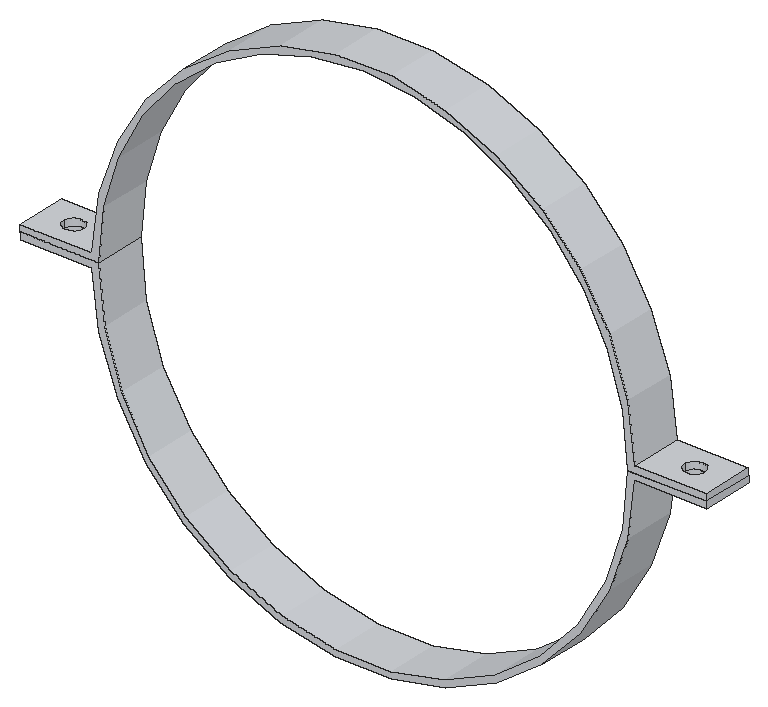
Revit family "Lüftungsrohrschelle , ohne AG, ohne VS, o. Gummi", category HLS-Bauteile, Revit 2017
Family settings
  Bemaßung runder Anschluss = Durchmesser verwenden
  Teiletyp = Normal
  Arbeitsebenenbasiert = Ja
  Immer vertikal = Nein
  Beim Laden mit Abzugskörper schneiden = Nein
  Gemeinsam genutzt = Ja
  Raumberechnungspunkt = Nein
Parameters (values of type "Lüftungsrohrschelle, o.AG, o.VS, DN 200, o.Gummi")
  vpe = "1 St"
  min. Rohraußendurchmesser = 0 mm
  max. zul. Last vertikal = 0.00 kN
  max. zul. Last horizontal = 0.00 kN
  max. zul. Last = 2.00 kN
  max. Temperaturbeständigkeit = ""
  max. Rohraußendurchmesser = 0 mm
  max. Höhe = 209 mm
  für Gewinde = ""
  Default Elevation = 1219.2 mm
  Verschluss-Schraube = ""
  Verschluss = "Mutter / Verschluss-Schraube"
  Stärke Material = 0 mm
  S = D + 2 * MD + DF2 + DVS  # 238 mm
  Rohraußendurchmesser Zoll = " Zoll"
  Rohraußendurchmesser = 203 mm
  Regelhalter [instance] = ""
  Randabstand Lochung = ""
  RM = R + MD  # 104 mm
  R = D / 2  # 101.5 mm
  Oberflaeche = "galvanisch verzinkt"
  Nennweite DN Rohr = 200 mm
  Mengeneinheit = "St"
  Materialname = "S235"
  Materialmaße = "20x2,5 mm"
  Material = "Stahl"
  MD = 2.5 mm
  MB = 20 mm
  Lochdurchmesser = ""
  Kurztext2 = "DN 200 ohne Anschluss"
  Kurztext1 = "Lüftungsschelle Standard 20x2,5"
  Höhe = "209 mm"
  HGA = 0 mm
  H = D + 2 * MD + AB  # 209 mm
  Gewicht pro Bauteil = Gewicht  # 0.288 kg
  Gewicht = 0.288 kg
  Firma = "MEFA Befestigungs- und Montagesysteme GmbH"
  Fabrikat = "MEFA"
  EAN = "4250928409874"
  DVS = 8 mm
  DS = 0 mm
  DF2 = 22 mm
  DF1 = 25 mm
  D = 203 mm
  Breite Material = ""
  Breite = 263 mm
  Brandschutz = ""
  Baustoffklasse = ""
  Bauart = "zweiteilig"
  B = S + DF1  # 263 mm
  Artikelnummer = "0432010"
  Anschlußhöhe = " mm"
  Anschluss = "ohne Anschluss"
  Achsabstand = "238 mm"
  AB = 1 mm
  A = 0 mm
Types (29, lengths in mm): name | max. zul. Last | max. Höhe | S | Rohraußendurchmesser | RM | R | Nennweite DN Rohr | Materialmaße | MD | MB | Kurztext2 | Kurztext1 | Höhe | H | Gewicht pro Bauteil | Gewicht | EAN | DVS | DF2 | DF1 | D | Breite | B | Artikelnummer | Achsabstand | AB
  Lüftungsrohrschelle, o.AG, o.VS, DN  71, o.Gummi | 1.50 kN | 79 | 108 | 73 | 38.5 | 36.5 | 71 | "20x2,0 mm" | 2 | 20 | "DN 71 ohne Anschluss" | "Lüftungsschelle Standard 20x2,0" | "79 mm" | 79 | 0.099 kg | 0.099 kg | "4250928409379" | 8 | 23 | 25 | 73 | 133 | 133 | "0430720" | "108 mm" | 2
  Lüftungsrohrschelle, o.AG, o.VS, DN  80, o.Gummi | 1.50 kN | 88 | 117 | 82 | 43 | 41 | 80 | "20x2,0 mm" | 2 | 20 | "DN 80 ohne Anschluss" | "Lüftungsschelle Standard 20x2,0" | "88 mm" | 88 | 0.108 kg | 0.108 kg | "4250928409423" | 8 | 23 | 25 | 82 | 142 | 142 | "0430810" | "117 mm" | 2
  Lüftungsrohrschelle, o.AG, o.VS, DN  90, o.Gummi | 1.50 kN | 98 | 127 | 92 | 48 | 46 | 90 | "20x2,0 mm" | 2 | 20 | "DN 90 ohne Anschluss" | "Lüftungsschelle Standard 20x2,0" | "98 mm" | 98 | 0.119 kg | 0.119 kg | "4250928409478" | 8 | 23 | 25 | 92 | 152 | 152 | "0430910" | "127 mm" | 2
  Lüftungsrohrschelle, o.AG, o.VS, DN 100, o.Gummi | 1.50 kN | 109 | 138 | 103 | 53.5 | 51.5 | 100 | "20x2,0 mm" | 2 | 20 | "DN 100 ohne Anschluss" | "Lüftungsschelle Standard 20x2,0" | "109 mm" | 109 | 0.129 kg | 0.129 kg | "4250928409522" | 8 | 23 | 25 | 103 | 163 | 163 | "0431010" | "138 mm" | 2
  Lüftungsrohrschelle, o.AG, o.VS, DN 112, o.Gummi | 1.50 kN | 121 | 150 | 115 | 59.5 | 57.5 | 112 | "20x2,0 mm" | 2 | 20 | "DN 112 ohne Anschluss" | "Lüftungsschelle Standard 20x2,0" | "121 mm" | 121 | 0.141 kg | 0.141 kg | "4250928409577" | 8 | 23 | 25 | 115 | 175 | 175 | "0431130" | "150 mm" | 2
  Lüftungsrohrschelle, o.AG, o.VS, DN 125, o.Gummi | 1.50 kN | 134 | 163 | 128 | 66 | 64 | 125 | "20x2,0 mm" | 2 | 20 | "DN 125 ohne Anschluss" | "Lüftungsschelle Standard 20x2,0" | "134 mm" | 134 | 0.154 kg | 0.154 kg | "4250928409621" | 8 | 23 | 25 | 128 | 188 | 188 | "0431260" | "163 mm" | 2
  Lüftungsrohrschelle, o.AG, o.VS, DN 140, o.Gummi | 1.50 kN | 149 | 178 | 143 | 73.5 | 71.5 | 140 | "20x2,0 mm" | 2 | 20 | "DN 140 ohne Anschluss" | "Lüftungsschelle Standard 20x2,0" | "149 mm" | 149 | 0.169 kg | 0.169 kg | "4250928409676" | 8 | 23 | 25 | 143 | 203 | 203 | "0431410" | "178 mm" | 2
  Lüftungsrohrschelle, o.AG, o.VS, DN 150, o.Gummi | 1.50 kN | 159 | 188 | 153 | 78.5 | 76.5 | 150 | "20x2,0 mm" | 2 | 20 | "DN 150 ohne Anschluss" | "Lüftungsschelle Standard 20x2,0" | "159 mm" | 159 | 0.179 kg | 0.179 kg | "4250928409720" | 8 | 23 | 25 | 153 | 213 | 213 | "0431510" | "188 mm" | 2
  Lüftungsrohrschelle, o.AG, o.VS, DN 160, o.Gummi | 1.50 kN | 169 | 198 | 163 | 83.5 | 81.5 | 160 | "20x2,0 mm" | 2 | 20 | "DN 160 ohne Anschluss" | "Lüftungsschelle Standard 20x2,0" | "169 mm" | 169 | 0.189 kg | 0.189 kg | "4250928409775" | 8 | 23 | 25 | 163 | 223 | 223 | "0431610" | "198 mm" | 2
  Lüftungsrohrschelle, o.AG, o.VS, DN 180, o.Gummi | 2.00 kN | 189 | 218 | 183 | 94 | 91.5 | 180 | "20x2,5 mm" | 2.5 | 20 | "DN 180 ohne Anschluss" | "Lüftungsschelle Standard 20x2,5" | "189 mm" | 189 | 0.262 kg | 0.262 kg | "4250928409829" | 8 | 22 | 25 | 183 | 243 | 243 | "0431810" | "218 mm" | 1
  Lüftungsrohrschelle, o.AG, o.VS, DN 200, o.Gummi | 2.00 kN | 209 | 238 | 203 | 104 | 101.5 | 200 | "20x2,5 mm" | 2.5 | 20 | "DN 200 ohne Anschluss" | "Lüftungsschelle Standard 20x2,5" | "209 mm" | 209 | 0.288 kg | 0.288 kg | "4250928409874" | 8 | 22 | 25 | 203 | 263 | 263 | "0432010" | "238 mm" | 1
  Lüftungsrohrschelle, o.AG, o.VS, DN 224, o.Gummi | 2.00 kN | 233 | 262 | 227 | 116 | 113.5 | 224 | "20x2,5 mm" | 2.5 | 20 | "DN 224 ohne Anschluss" | "Lüftungsschelle Standard 20x2,5" | "233 mm" | 233 | 0.318 kg | 0.318 kg | "4250928409935" | 8 | 22 | 25 | 227 | 287 | 287 | "0432250" | "262 mm" | 1
  Lüftungsrohrschelle, o.AG, o.VS, DN 250, o.Gummi | 2.00 kN | 259 | 288 | 253 | 129 | 126.5 | 250 | "20x2,5 mm" | 2.5 | 20 | "DN 250 ohne Anschluss" | "Lüftungsschelle Standard 20x2,5" | "259 mm" | 259 | 0.35 kg | 0.35 kg | "4250928409997" | 8 | 22 | 25 | 253 | 313 | 313 | "0432510" | "288 mm" | 1
  Lüftungsrohrschelle, o.AG, o.VS, DN 280, o.Gummi | 2.00 kN | 291 | 321 | 283 | 144 | 141.5 | 280 | "25x2,5 mm" | 2.5 | 25 | "DN 280 ohne Anschluss" | "Lüftungsschelle Standard 25x2,5" | "291 mm" | 291 | 0.486 kg | 0.486 kg | "4250928410054" | 8 | 25 | 25 | 283 | 345 | 346 | "0432810" | "320 mm" | 3
  Lüftungsrohrschelle, o.AG, o.VS, DN 300, o.Gummi | 2.00 kN | 313 | 342 | 304 | 154.5 | 152 | 300 | "25x2,5 mm" | 2.5 | 25 | "DN 300 ohne Anschluss" | "Lüftungsschelle Standard 25x2,5" | "313 mm" | 313 | 0.524 kg | 0.524 kg | "4250928410115" | 8 | 25 | 25 | 304 | 367 | 367 | "0433010" | "342 mm" | 4
  Lüftungsrohrschelle, o.AG, o.VS, DN 315, o.Gummi | 2.00 kN | 328 | 357 | 319 | 162 | 159.5 | 315 | "25x2,5 mm" | 2.5 | 25 | "DN 315 ohne Anschluss" | "Lüftungsschelle Standard 25x2,5" | "328 mm" | 328 | 0.54 kg | 0.54 kg | "4250928410177" | 8 | 25 | 25 | 319 | 382 | 382 | "0433160" | "357 mm" | 4
  Lüftungsrohrschelle, o.AG, o.VS, DN 355, o.Gummi | 2.00 kN | 368 | 397 | 359 | 182 | 179.5 | 355 | "25x2,5 mm" | 2.5 | 25 | "DN 355 ohne Anschluss" | "Lüftungsschelle Standard 25x2,5" | "368 mm" | 368 | 0.602 kg | 0.602 kg | "4250928410238" | 8 | 25 | 25 | 359 | 422 | 422 | "0433560" | "397 mm" | 4
  Lüftungsrohrschelle, o.AG, o.VS, DN 400, o.Gummi | 2.00 kN | 413 | 442 | 404 | 204.5 | 202 | 400 | "25x2,5 mm" | 2.5 | 25 | "DN 400 ohne Anschluss" | "Lüftungsschelle Standard 25x2,5" | "413 mm" | 413 | 0.674 kg | 0.674 kg | "4250928410290" | 8 | 25 | 25 | 404 | 467 | 467 | "0434010" | "442 mm" | 4
  Lüftungsrohrschelle, o.AG, o.VS, DN 450, o.Gummi | 2.00 kN | 463 | 492 | 454 | 229.5 | 227 | 450 | "25x2,5 mm" | 2.5 | 25 | "DN 450 ohne Anschluss" | "Lüftungsschelle Standard 25x2,5" | "463 mm" | 463 | 0.754 kg | 0.754 kg | "4250928410351" | 8 | 25 | 25 | 454 | 517 | 517 | "0434510" | "492 mm" | 4
  Lüftungsrohrschelle, o.AG, o.VS, DN 500, o.Gummi | 2.00 kN | 513 | 542 | 504 | 254.5 | 252 | 500 | "25x2,5 mm" | 2.5 | 25 | "DN 500 ohne Anschluss" | "Lüftungsschelle Standard 25x2,5" | "513 mm" | 513 | 0.832 kg | 0.832 kg | "4250928410412" | 8 | 25 | 25 | 504 | 567 | 567 | "0435010" | "542 mm" | 4
  Lüftungsrohrschelle, o.AG, o.VS, DN 560, o.Gummi | 2.00 kN | 573 | 602 | 564 | 284.5 | 282 | 560 | "25x2,5 mm" | 2.5 | 25 | "DN 560 ohne Anschluss" | "Lüftungsschelle Standard 25x2,5" | "573 mm" | 573 | 0.926 kg | 0.926 kg | "4250928410474" | 8 | 25 | 25 | 564 | 627 | 627 | "0435610" | "602 mm" | 4
  Lüftungsrohrschelle, o.AG, o.VS, DN 600, o.Gummi | 2.00 kN | 610 | 640 | 605 | 305 | 302.5 | 600 | "25x2,5 mm" | 2.5 | 25 | "DN 600 ohne Anschluss" | "Lüftungsschelle Standard 25x2,5" | "610 mm" | 610 | 0.988 kg | 0.988 kg | "4250928410511" | 8 | 22 | 25 | 605 | 665 | 665 | "0436010" | "640 mm" | 0
  Lüftungsrohrschelle, o.AG, o.VS, DN 630, o.Gummi | 2.00 kN | 645 | 674 | 635 | 320.5 | 317.5 | 630 | "25x3,0 mm" | 3 | 25 | "DN 630 ohne Anschluss" | "Lüftungsschelle Standard 25x3,0" | "645 mm" | 645 | 1.244 kg | 1.244 kg | "4250928410535" | 10 | 23 | 25 | 635 | 699 | 699 | "0436310" | "674 mm" | 4
  Lüftungsrohrschelle, o.AG, o.VS, DN 710, o.Gummi | 2.00 kN | 725 | 754 | 715 | 360.5 | 357.5 | 710 | "25x3,0 mm" | 3 | 25 | "DN 710 ohne Anschluss" | "Lüftungsschelle Standard 25x3,0" | "725 mm" | 725 | 1.398 kg | 1.398 kg | "4250928410559" | 10 | 23 | 25 | 715 | 779 | 779 | "0437110" | "754 mm" | 4
  Lüftungsrohrschelle, o.AG, o.VS, DN 800, o.Gummi | 2.00 kN | 816 | 844 | 805 | 405.5 | 402.5 | 800 | "25x3,0 mm" | 3 | 25 | "DN 800 ohne Anschluss" | "Lüftungsschelle Standard 25x3,0" | "816 mm" | 816 | 1.564 kg | 1.564 kg | "4250928410573" | 10 | 23 | 25 | 805 | 870 | 869 | "0438010" | "845 mm" | 5
  Lüftungsrohrschelle, o.AG, o.VS, DN 900, o.Gummi | 2.00 kN | 916 | 946 | 905 | 455.5 | 452.5 | 900 | "30x3,0 mm" | 3 | 30 | "DN 900 ohne Anschluss" | "Lüftungsschelle Standard 30x3,0" | "916 mm" | 916 | 2.104 kg | 2.104 kg | "4250928410597" | 10 | 25 | 25 | 905 | 970 | 971 | "0439010" | "945 mm" | 5
  Lüftungsrohrschelle, o.AG, o.VS, DN1000, o.Gummi | 2.00 kN | 1.018 | 1047 | 1006 | 506 | 503 | 1 | "30x3,0 mm" | 3 | 30 | "DN 1000 ohne Anschluss" | "Lüftungsschelle Standard 30x3,0" | "1018 mm" | 1018 | 2.344 kg | 2.344 kg | "4250928410610" | 10 | 25 | 25 | 1006 | 1.072 | 1072 | "0440010" | "1047 mm" | 6
  Lüftungsrohrschelle, o.AG, o.VS, DN1120, o.Gummi | 2.00 kN | 1.138 | 1167 | 1126 | 566 | 563 | 1.12 | "30x3,0 mm" | 3 | 30 | "DN 1120 ohne Anschluss" | "Lüftungsschelle Standard 30x3,0" | "1138 mm" | 1138 | 2.616 kg | 2.616 kg | "4250928410634" | 10 | 25 | 25 | 1126 | 1.192 | 1192 | "0441210" | "1167 mm" | 6
  Lüftungsrohrschelle, o.AG, o.VS, DN1250, o.Gummi | 2.00 kN | 1.268 | 1297 | 1256 | 631 | 628 | 1.25 | "30x3,0 mm" | 3 | 30 | "DN 1250 ohne Anschluss" | "Lüftungsschelle Standard 30x3,0" | "1268 mm" | 1268 | 2.91 kg | 2.91 kg | "4250928410658" | 10 | 25 | 30 | 1256 | 1.322 | 1327 | "0442510" | "1297 mm" | 6
Reference planes
  plane 1 "Mitte (Vorne/hinten)": y = 0
  plane 2: z = -5
  plane 3 "Mitte (Links/rechts)": x = 0
  plane 4: x = 119
  plane 5: x = -119
  plane 6: x = 131.5
  plane 7: x = -131.5
  plane 8: z = -4.5
  plane 9: z = -5.5
  plane 10: z = 99
  plane 11: y = 0
Forms (mm)
  Sweep 1, solid, detail levels medium+fine
    path origin (0, 0, 28.791) x (1, 0, 0) y (0, 0, 1)
      loop
        line (131.5, -33.791) -> (101.5, -33.791)
        arc (101.5, -33.791) -> (0, 67.709) -> (-101.5, -33.791) r 101.5
        line (-101.5, -33.791) -> (-131.5, -33.791)
    profile origin (0, 0, 96.5) x (0, 0, -1) y (0, -1, 0)
      loop
        line (-2.5, -10) -> (0, -10) -> (0, 10) -> (-2.5, 10) -> (-2.5, -10)
  Sweep 2, solid, detail levels medium+fine
    path origin (0, 0, -28.791) x (1, 0, 0) y (0, 0, -1)
      loop
        line (131.5, -23.791) -> (101.5, -23.791)
        arc (101.5, -23.791) -> (0, 77.709) -> (-101.5, -23.791) r 101.5
        line (-101.5, -23.791) -> (-131.5, -23.791)
    profile origin (0, 0, -106.5) x (0, 0, -1) y (0, -1, 0)
      loop
        line (2.5, -10) -> (2.5, 10) -> (0, 10) -> (0, -10) -> (2.5, -10)
  Extrusion 3, void
    sketch origin (0, 0, -5) x (1, 0, 0) y (0, 1, 0)
      loop
        circle (-119, 0) r 4
      loop
        circle (119, 0) r 4
    from -50 to 50
Cuts and joins
  Extrusion 3 cuts Sweep 1
  Extrusion 3 cuts Sweep 2
Lines and regions (mm)
  model lines, detail levels fine
    curve 1: line (20, 0, -5) -> (-20, 0, -5)
    curve 2: line (0, 0, 15) -> (0, 0, -25)
    curve 3: line (0, 20, -5) -> (0, -20, -5)
    curve 4: line (-119, 0, 2.5) -> (-119, 0, -12.5)
    curve 5: line (-126.5, 0, -5) -> (-111.5, 0, -5)
    curve 6: line (119, 0, 2.5) -> (119, 0, -12.5)
    curve 7: line (111.5, 0, -5) -> (126.5, 0, -5)
    curve 8: line (-119, -7.5, -5) -> (-119, 7.5, -5)
    curve 9: line (119, -7.5, -5) -> (119, 7.5, -5)
  model lines, detail levels coarse
    curve 10: circle (0, 0, -5) r 104.5 normal (0, -1, 0)
Dimensions and locks
  equal spacing: plane 5, plane 3 "Mitte (Links/rechts)", plane 4
  equal spacing: plane 7, plane 3 "Mitte (Links/rechts)", plane 6
  "S": plane 5 to plane 4
  "B": plane 7 to plane 6
  equal spacing: Sweep 1 sketch curve, profile plane, Sweep 1 sketch curve
  "MD": Sweep 1 sketch curve to Sweep 1 sketch curve
  "MB": Sweep 1 sketch curve to Sweep 1 sketch curve
  equal spacing: Sweep 2 sketch curve, profile plane, Sweep 2 sketch curve
  "MD": Sweep 2 sketch curve to Sweep 2 sketch curve
  "MB": Sweep 2 sketch curve to Sweep 2 sketch curve
  "AB": plane 9 to plane 8
  equal spacing: plane 9, level, plane 8
  "RM": level to plane 10
  plane 7 to plane 6 = 263 mm
  plane 5 to plane 4 = 238 mm
  "D": diameter of Sweep 1 sketch curve
  "D": diameter of Sweep 2 sketch curve
  "DVS": diameter of Extrusion 3 sketch curve  (x2)
  "H": diameter of curve 10
  aligned and locked: level to plane 2
  aligned and locked: curve 1 to level
  aligned and locked: plane 3 "Mitte (Links/rechts)" to curve 2
  aligned and locked: curve 3 to level
Automatic sketch dimensions
  plane 1 "Mitte (Vorne/hinten)" to curve 3 = 20 mm
  curve 3 to plane 1 "Mitte (Vorne/hinten)" = 20 mm
  Sweep 1 sketch curve to level = 0 mm
  plane 7 to Sweep 1 sketch curve = 0 mm
  Sweep 1 sketch curve to plane 3 "Mitte (Links/rechts)" = 0 mm
  plane 6 to Sweep 1 sketch curve = 0 mm
  Sweep 2 sketch curve to level = 0 mm
  plane 7 to Sweep 2 sketch curve = 0 mm
  Sweep 2 sketch curve to plane 3 "Mitte (Links/rechts)" = 0 mm
  plane 6 to Sweep 2 sketch curve = 0 mm
  plane 1 "Mitte (Vorne/hinten)" to Extrusion 3 sketch curve = 0 mm  (x2)
  Extrusion 3 sketch curve to plane 5 = 0 mm
  Extrusion 3 sketch curve to plane 4 = 0 mm
  curve 8 to level = 0 mm
  plane 1 "Mitte (Vorne/hinten)" to curve 8 = 7.5 mm
  curve 8 to plane 1 "Mitte (Vorne/hinten)" = 7.5 mm
  curve 9 to level = 0 mm
  plane 1 "Mitte (Vorne/hinten)" to curve 9 = 7.5 mm
  curve 9 to plane 1 "Mitte (Vorne/hinten)" = 7.5 mm
  curve 5 to level = 0 mm
  plane 5 to curve 4 = 0 mm
  curve 10 to level = 0 mm
  curve 10 to plane 3 "Mitte (Links/rechts)" = 0 mm
  curve 7 to level = 0 mm
  plane 4 to curve 6 = 0 mm
  curve 5 to plane 7 = 5 mm
  curve 5 to plane 5 = 7.5 mm
  curve 1 to plane 3 "Mitte (Links/rechts)" = 20 mm
  plane 3 "Mitte (Links/rechts)" to curve 1 = 20 mm
  plane 4 to curve 7 = 7.5 mm
  plane 6 to curve 7 = 5 mm
  plane 9 to curve 6 = 7 mm
  plane 9 to curve 4 = 7 mm
  plane 9 to curve 2 = 19.5 mm
  plane 8 to curve 4 = 7 mm
  plane 8 to curve 6 = 7 mm
  plane 8 to curve 2 = 19.5 mm
  Sweep 1 sketch curve to profile plane = 0 mm
  Sweep 2 sketch curve to profile plane = 0 mm
